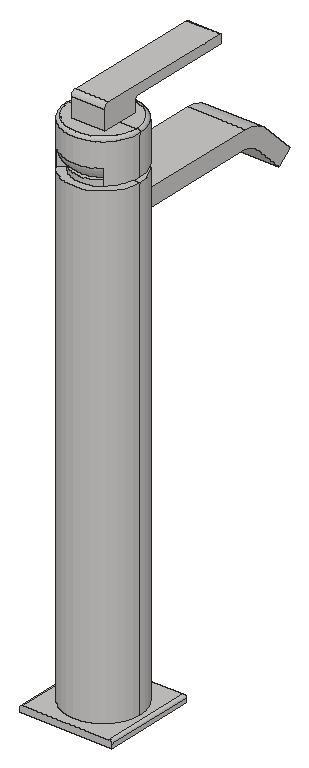
Revit family "SB-2504", category Plumbing Fixtures, Revit 2023
Family settings
  Round Connector Dimension = Use Diameter
  Part Type = Normal
  OmniClass Number = 23.45.00.00
  OmniClass Title = Sanitary, Laundry, and Cleaning Equipment
  Work Plane-Based = No
  Enable Cutting in Views = No
  Always vertical = Yes
  Cut with Voids When Loaded = No
  Maintain Annotation Orientation = No
  Shared = No
  Room Calculation Point = No
Parameters
  Default Elevation = 0"
Reference planes
  plane 1 "Center (Front/Back)": y = 0
  plane 2: z = 0
  plane 3 "Center (Left/Right)": x = 0
  plane 4: z = 319.087
  plane 5: z = 333.375
  plane 6: z = 333.375
  plane 7: x = -22.225
  plane 8: x = 22.225
  plane 9: y = -22.225
  plane 10: y = 22.225
  plane 11: y = 76.2
  plane 12: y = -22.225
  plane 13: y = 119.062
  plane 14 "Center L/X": y = 114.3
  plane 15: y = -49.213
  plane 16: z = 319.087
  plane 17: z = 333.375
  plane 18: z = 0
  plane 19: z = 252.413
Forms (mm)
  Revolve 1, solid, material "stainless steel"
    sketch origin (0, 0, 195.262) x (1, 0, 0) y (0, 0, 1)
      loop
        line (0, -191.649) -> (22.225, -191.649) -> (22.225, 95.25) -> (17.151, 95.25) -> (17.151, 98.362) -> (22.225, 98.362) -> (22.225, 121.91)
        arc (22.225, 121.91) -> (21.664, 123.264) -> (20.31, 123.825) r 1.915
        line (20.31, 123.825) -> (0, 123.825) -> (0, -191.649)
      axis (0, 123.825) -> (0, -191.649)
    angle from 0 to 360
  Extrusion 2, solid, material "stainless steel"
    sketch origin (0, 0, 0) x (1, 0, 0) y (0, 0, 1)
      loop
        arc (-25.921, 4.105) -> (-27.236, 3.56) -> (-27.781, 2.245) r 1.86
        line (-27.781, 2.245) -> (-27.781, 0) -> (27.781, 0) -> (27.781, 2.245)
        arc (27.781, 2.245) -> (27.236, 3.56) -> (25.921, 4.105) r 1.86
        line (25.921, 4.105) -> (-25.921, 4.105)
    from -27.781 to 27.781
  Extrusion 3, solid, material "stainless steel"
    sketch origin (0, 0, 195.262) x (0, 1, 0) y (0, 0, 1)
      loop
        line (-11.113, 135.008) -> (-11.113, 123.825) -> (11.113, 123.825) -> (11.113, 129.999)
        arc (11.113, 129.999) -> (11.792, 131.639) -> (13.433, 132.319) r 2.32
        line (13.433, 132.319) -> (75.6, 132.319)
        arc (75.6, 132.319) -> (75.986, 132.498) -> (76.2, 132.866) r 0.708
        line (76.2, 132.866) -> (76.2, 137.565)
        arc (76.2, 137.565) -> (75.986, 137.934) -> (75.6, 138.113) r 0.708
        line (75.6, 138.113) -> (-8.008, 138.113)
        arc (-8.008, 138.113) -> (-10.203, 137.203) -> (-11.113, 135.008) r 3.104
    from -10.038 to 10.038
  Extrusion 4, solid, material "stainless steel"
    sketch origin (0, 0, 195.262) x (0, 1, 0) y (0, 0, 1)
      loop
        line (110.134, 53.804) -> (118.466, 60.496) -> (98.623, 80.339)
        arc (98.623, 80.339) -> (92.378, 83.468) -> (85.491, 84.634) r 23.628
        line (85.491, 84.634) -> (12.201, 84.634) -> (12.201, 74.315) -> (83.605, 74.315)
        arc (83.605, 74.315) -> (88.585, 73.36) -> (93.026, 70.911) r 16.209
        line (93.026, 70.911) -> (110.134, 53.804)
    from -17.463 to 17.462
  Sweep 5, void
    path in 3D
      loop
        arc (-14.195, -17.102, 293.625) -> (0.071, -22.225, 293.625) -> (14.303, -17.011, 293.625) r 22.225
    profile origin (0.071, -22.225, 293.625) x (0.003188, -0.999995, 0) y (0, 0, -1)
      loop
        line (0, 0) -> (-11.463, 0)
        arc (-11.463, 0) -> (-4.088, -2.612) -> (0, -9.282) r 11.719
        line (0, -9.282) -> (0, 0)
Cuts and joins
  Sweep 5 cuts Revolve 1
Lines and regions (mm)
  sketch lines
    curve 1: arc (-14.195, -17.102, 293.625) -> (0.071, -22.225, 293.625) -> (14.303, -17.011, 293.625) r 22.225
Dimensions and locks
  Extrusion 2 to Extrusion 2 = 2 3/16"
  plane 17 to level = 13 1/8"
  plane 16 to level = 12 9/16"
  plane 7 to plane 8 = 1 3/4"
  plane 9 to plane 10 = 1 3/4"
  Extrusion 3 to plane 11 = 3 7/16"
  plane 12 to plane 13 = 5 9/16"
  Extrusion 4 to Extrusion 4 = 1 3/8"
  plane 1 "Center (Front/Back)" to plane 14 "Center L/X" = 4 1/2"
  plane 15 to plane 12 = 1 1/16"
  plane 19 to level = 9 15/16"
  aligned and locked: level to plane 2
